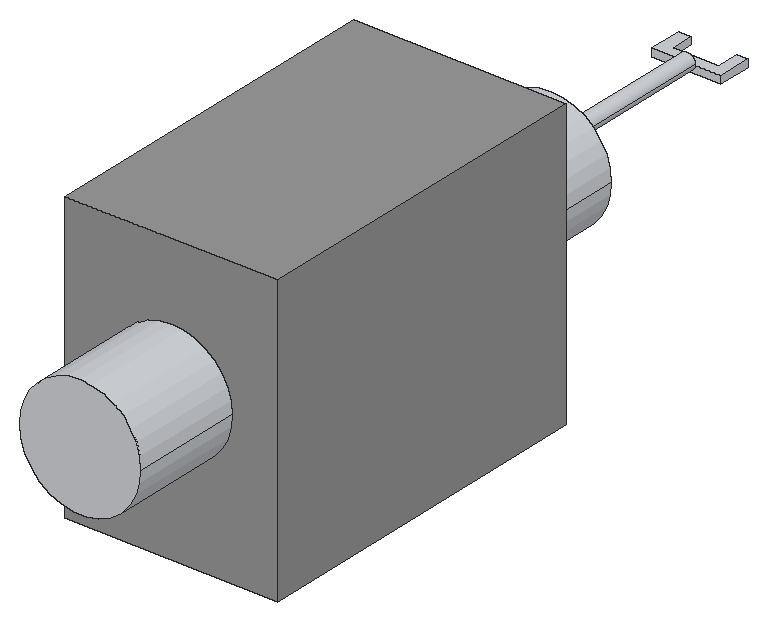
Revit family "Datenleitungsschutzgerät für koaxiale TV_kamerasysteme", category Generic Models, Revit 2015
Parameters (values of type "KOAX B-E2 FF-F")
  Width = 28 mm
  URL = "http://www.obo-bettermann.com"
  Material = Aluminum
  Manufacturer Art.No. = "5082434"
  Manufacturer = "OBO Bettermann"
  Length 1 = 115 mm
  Length = 77.5 mm
  Height = 38 mm
  GTIN = "4012196415731"
  Article Type = "KOAX B-E2 FF-F"
Reference planes
  plane 1 "Center (Front/Back)": y = 0
  plane 2: z = 0
  plane 3 "Center (Left/Right)": x = 0
  plane 4: y = 77.5
  plane 5: y = 115
  plane 6: y = 15
  plane 7: y = 100
  plane 8: z = 31
  plane 9: z = 32
  plane 10: y = 62.5
  plane 11: z = 20.493
  plane 12: z = 21.493
Forms (mm)
  Extrusion 1, solid, material "Aluminum" <- "Material"
    sketch origin (0, 0, 0) x (1, 0, 0) y (0, 0, 1)
      loop
        line (-14, 0) -> (14, 0) -> (14, 38) -> (-14, 38) -> (-14, 0)
    from -15 to -62.5
  Extrusion 2, solid
    sketch origin (-0.083, 0, 1.568) x (1, 0, 0) y (0, 0, 1)
      loop
        circle (0.065, 19.991) r 1.066
    from -100 to -77.5
  Extrusion 3, solid
    sketch origin (0, 0, 0) x (1, 0, 0) y (0, 0, 1)
      loop
        circle (0, 19.903) r 8
    from -15 to 0
  Extrusion 4, solid
    sketch origin (0, 0, 0) x (1, 0, 0) y (0, 0, 1)
      loop
        circle (0, 19.903) r 8
    from -77.5 to -62.5
  Extrusion 5, solid
    sketch origin (0, 0, 0) x (1, 0, 0) y (0, 1, 0)
      loop
        line (-4.637, 100) -> (4.455, 100) -> (4.455, 104.437) -> (3, 104.437) -> (3, 101.5) -> (-3, 101.5) -> (-3, 104.437) -> (-4.637, 104.437) -> (-4.637, 100)
    from 20.493 to 21.493
Dimensions and locks
  "Height": Extrusion 1 sketch curve to Extrusion 1 sketch curve
  "Width": Extrusion 1 sketch curve to Extrusion 1 sketch curve
  equal spacing: Extrusion 1 sketch curve, plane 3 "Center (Left/Right)", Extrusion 1 sketch curve, locked at 14 each
  "Length": plane 1 "Center (Front/Back)" to plane 4
  "Length 1": plane 5 to plane 1 "Center (Front/Back)"
  locked: plane 6 to plane 1 "Center (Front/Back)" at 15
  locked: plane 5 to plane 7 at 15
  locked: plane 8 to level at 31
  locked: plane 8 to plane 9 at 1
  locked: plane 4 to plane 10 at 15
  locked: plane 11 to level at 20.493
  locked: Extrusion 5 sketch curve to Extrusion 5 sketch curve at 1.5
  locked: Extrusion 5 sketch curve to Extrusion 5 sketch curve at 6
  equal spacing: Extrusion 5 sketch curve, plane 3 "Center (Left/Right)", Extrusion 5 sketch curve, locked at 3 each
  locked: Extrusion 5 sketch curve to Extrusion 5 sketch curve at 4.437
  locked: plane 11 to plane 12 at 1
  diameter of Extrusion 3 sketch curve = 16 mm
  diameter of Extrusion 3 = 16 mm
  diameter of Extrusion 2 sketch curve = 2.131 mm
  aligned and locked: level to plane 2
  aligned and locked: Extrusion 1 sketch curve to level
  aligned and locked: Extrusion 2 to plane 4
  aligned and locked: plane 6 to Extrusion 1
  aligned and locked: Extrusion 3 to Extrusion 1
  aligned and locked: plane 1 "Center (Front/Back)" to Extrusion 3
  aligned and locked: plane 4 to Extrusion 4
  aligned and locked: Extrusion 4 to Extrusion 1
  aligned and locked: Extrusion 5 sketch curve to plane 7
  aligned and locked: Extrusion 5 sketch curve to Extrusion 5 sketch curve
  aligned and locked: plane 11 to Extrusion 5
  aligned and locked: Extrusion 5 to plane 12
Automatic sketch dimensions
  Extrusion 3 sketch curve to plane 3 "Center (Left/Right)" = 0 mm
  plane 8 to Extrusion 3 sketch curve = 11.097 mm
  Extrusion 4 sketch curve to plane 3 "Center (Left/Right)" = 0 mm
  plane 8 to Extrusion 4 sketch curve = 11.097 mm
  Extrusion 2 sketch curve to plane 3 "Center (Left/Right)" = 0.018 mm
  plane 8 to Extrusion 2 sketch curve = 9.442 mm
  Extrusion 5 sketch curve to Extrusion 5 sketch curve = 1.637 mm
  Extrusion 5 sketch curve to Extrusion 5 sketch curve = 1.455 mm
  radius of Extrusion 4 sketch curve = 8 mm
